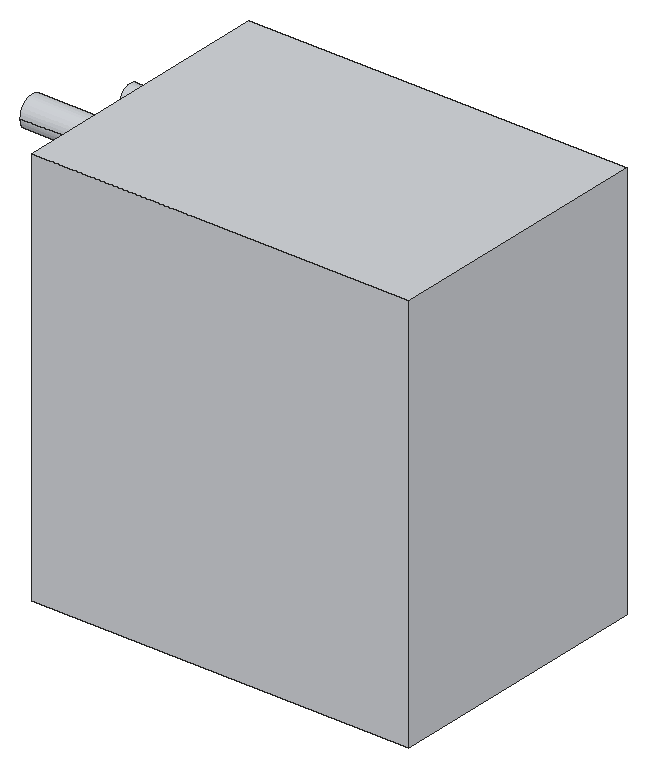
Revit family "LAMP 400-1000 Water Heater", category Mechanical Equipment, Revit 2019
Family settings
  Round Connector Dimension = Use Diameter
  Part Type = Normal
  OmniClass Number = 23.75.00.00
  OmniClass Title = Climate Control (HVAC)
  Work Plane-Based = No
  Always vertical = Yes
  Cut with Voids When Loaded = No
  Shared = No
  Room Calculation Point = No
Parameters (values of type "LAMP 500 Water Heater")
  Width = 26 1/8"
  Length = 36 5/16"
  Height = 38 69/128"
  Voltage = ""
  Vent = "4\""
  Manufacturer = "Bryan Steam"  # constant formula
  Hydronic Supply = "2\" NPT Female"
  Hydronic Return = "2\" NPT Male"
  Gas Train = "3/4\" NPT Female"
  Condensate Trap = "1\" Pipe"
  Boiler Drain = "3/4\" NPT Female"
  Air Supply = "4\""
Reference planes (in)
  plane 1 "Center (Front/Back)": y = 0
  plane 2: z = 0
  plane 3 "Center (Left/Right)": x = 0
  plane 4 "Vent": y = 3.75
  plane 5 "Condensate Trap": y = -12
  plane 6 "Supply 2.5" Victualic Elbow Style 10": x = 1.375
  plane 7 "3" Supply Manifold": z = 44.375
  plane 8 "3" Supply Elbow Victaulic Style 10": y = 12.875
Forms (in)
  Extrusion 1, solid
    sketch origin (0, 0, 0) x (1, 0, 0) y (0, 1, 0)
      loop
        line (-18.15625, 13.0625) -> (-18.15625, -13.0625) -> (18.15625, -13.0625) -> (18.15625, 13.0625) -> (-18.15625, 13.0625)
    from 0 to 38.53906
  Extrusion 2, solid
    sketch origin (-18.15625, -13.0625, 0) x (0, 1, 0) y (0, 0, -1)
      loop
        circle (5.8125, -12.31) r 2.53125
      loop
        circle (5.8125, -12.3125) r 2.265
    from 0 to 2.53906
  Extrusion 3, solid
    sketch origin (-18.15625, -13.0625, 0) x (0, 1, 0) y (0, 0, -1)
      loop
        circle (16.813, -4.073) r 0.6575
    from 0 to 3.85547
  Extrusion 4, solid
    sketch origin (-18.15625, -13.0625, 0) x (0, 1, 0) y (0, 0, -1)
      loop
        circle (16.121, -19.731) r 2.49
      loop
        circle (16.121, -19.731) r 2.274
    from 0 to 5.56641
  Extrusion 5, solid
    sketch origin (-18.15625, -13.0625, 0) x (0, 1, 0) y (0, 0, -1)
      loop
        circle (16.121, -35.097) r 1.1875
    from 0 to 3.43359
  Extrusion 6, solid
    sketch origin (-18.15625, -13.0625, 0) x (0, 1, 0) y (0, 0, -1)
      loop
        circle (16.121, -26.526) r 0.525
    from 0 to 4.19531
  Extrusion 7, solid
    sketch origin (-18.15625, -13.0625, 0) x (0, 1, 0) y (0, 0, -1)
      loop
        circle (22.847, -27.541) r 0.525
    from 0 to 1.24219
  Extrusion 8, solid
    sketch origin (-18.15625, -13.0625, 0) x (0, 1, 0) y (0, 0, -1)
      loop
        circle (9.881, -35.097) r 1.1875
    from 0 to 1.54688
  Extrusion 9, solid
    sketch origin (-19.70312, -13.0625, 0) x (0, 1, 0) y (0, 0, -1)
      loop
        circle (9.881, -35.097) r 1.46
    from 0 to 6.3125
  Extrusion 10, solid
    sketch origin (-22.35156, -13.0625, 0) x (0, 1, 0) y (0, 0, -1)
      loop
        circle (16.121, -26.526) r 0.763
    from 0 to 2.36328
  Extrusion 11, solid
    sketch origin (-19.39844, -13.0625, 0) x (0, 1, 0) y (0, 0, -1)
      loop
        circle (22.847, -27.541) r 0.75
    from 0 to 2.67188
Dimensions and locks (in)
  "Height": Extrusion 1 to level
  equal spacing: Extrusion 1 sketch curve, plane 3 "Center (Left/Right)", Extrusion 1 sketch curve
  "Length": Extrusion 1 sketch curve to Extrusion 1 sketch curve
  equal spacing: Extrusion 1 sketch curve, plane 1 "Center (Front/Back)", Extrusion 1 sketch curve
  "Width": Extrusion 1 sketch curve to Extrusion 1 sketch curve
  locked: level to plane 7 "3" Supply Manifold" at 44.375
  locked: plane 3 "Center (Left/Right)" to plane 6 "Supply 2.5" Victualic Elbow Style 10" at 1.375
  locked: plane 8 "3" Supply Elbow Victaulic Style 10" to plane 1 "Center (Front/Back)" at 12.875
  locked: plane 4 "Vent" to plane 1 "Center (Front/Back)" at 3.75
  locked: plane 5 "Condensate Trap" to plane 1 "Center (Front/Back)" at 12
  locked: Extrusion 1 to Extrusion 2 sketch curve at 12.31
  locked: Extrusion 3 sketch curve to Extrusion 1 at 16.813
  locked: Extrusion 4 sketch curve to Extrusion 1 at 16.121  (x2)
  locked: Extrusion 5 sketch curve to Extrusion 1 at 16.121
  locked: Extrusion 1 to Extrusion 5 sketch curve at 35.097
  locked: Extrusion 1 to Extrusion 3 sketch curve at 4.073
  locked: Extrusion 2 sketch curve to Extrusion 1 at 5.8125  (x2)
  locked: Extrusion 1 to Extrusion 2 sketch curve at 12.3125
  locked: Extrusion 1 to Extrusion 4 sketch curve at 19.731  (x2)
  locked: Extrusion 1 to Extrusion 6 sketch curve at 26.526
  locked: Extrusion 6 sketch curve to Extrusion 1 at 16.121
  locked: Extrusion 7 sketch curve to Extrusion 1 at 22.847
  locked: Extrusion 1 to Extrusion 7 sketch curve at 27.541
  locked: Extrusion 1 to Extrusion 8 sketch curve at 35.097
  locked: Extrusion 8 sketch curve to Extrusion 1 at 9.881
  locked: Extrusion 9 sketch curve to Extrusion 1 at 9.881
  locked: Extrusion 1 to Extrusion 9 sketch curve at 35.097
  locked: Extrusion 10 sketch curve to Extrusion 1 at 16.121
  locked: Extrusion 1 to Extrusion 10 sketch curve at 26.526
  locked: Extrusion 1 to Extrusion 11 sketch curve at 27.541
  locked: Extrusion 11 sketch curve to Extrusion 1 at 22.847
  aligned and locked: level to plane 2
Automatic sketch dimensions
  radius of Extrusion 2 sketch curve = 2 17/32"
  radius of Extrusion 2 sketch curve = 2.265"
  radius of Extrusion 3 sketch curve = 0.6575"
  radius of Extrusion 4 sketch curve = 2.49"
  radius of Extrusion 4 sketch curve = 2.274"
  radius of Extrusion 5 sketch curve = 1 3/16"
  radius of Extrusion 6 sketch curve = 0.525"
  radius of Extrusion 7 sketch curve = 0.525"
  radius of Extrusion 8 sketch curve = 1 3/16"
  radius of Extrusion 9 sketch curve = 1.46"
  radius of Extrusion 10 sketch curve = 0.763"
  radius of Extrusion 11 sketch curve = 3/4"
Connectors (in)
  piping at (-21.58984, 3.0585, 35.097), diameter 2
    settings: on Extrusion 5, index 1, connector inside diameter 24", connector length 0", flow factor 0, pipe flow 0 GPM, pressure drop 0.00 psi, fitting loss kfactor 0, connector angle 0.00°, fixture units 0, engagement length 0", angle of deflection 0.00°, flow configuration 0, flow direction 1, fitting loss method 0, system type 8, joint type 0, gender type 0, connector reference index -1, connector utility 0, adjustable connector no, is connector primary yes, connector description ""
  piping at (-26.01562, -3.1815, 35.097), diameter 2
    settings: on Extrusion 9, index 2, connector inside diameter 24", connector length 0", flow factor 0, pipe flow 0 GPM, pressure drop 0.00 psi, fitting loss kfactor 0, connector angle 0.00°, fixture units 0, engagement length 0", angle of deflection 0.00°, flow configuration 0, flow direction 2, fitting loss method 0, system type 7, joint type 0, gender type 0, connector reference index -1, connector utility 0, adjustable connector no, is connector primary no, connector description ""
  piping at (-24.71484, 3.0585, 26.526), diameter 0.75
    settings: on Extrusion 10, index 3, connector inside diameter 24", connector length 0", flow factor 0, pipe flow 0 GPM, pressure drop 0.00 psi, fitting loss kfactor 0, connector angle 0.00°, fixture units 0, engagement length 0", angle of deflection 0.00°, flow configuration 0, flow direction 2, fitting loss method 0, system type 22, joint type 0, gender type 0, connector reference index -1, connector utility 0, adjustable connector no, is connector primary no, connector description ""
  piping at (-22.07031, 9.7845, 27.541), diameter 0.75
    settings: on Extrusion 11, index 4, connector inside diameter 24", connector length 0", flow factor 0, pipe flow 0 GPM, pressure drop 0.00 psi, fitting loss kfactor 0, connector angle 0.00°, fixture units 0, engagement length 0", angle of deflection 0.00°, flow configuration 0, flow direction 1, fitting loss method 0, system type 22, joint type 0, gender type 0, connector reference index -1, connector utility 0, adjustable connector no, is connector primary no, connector description ""
  piping at (-22.01172, 3.7505, 4.073), diameter 1
    settings: on Extrusion 3, index 5, connector inside diameter 24", connector length 0", flow factor 0, pipe flow 0 GPM, pressure drop 0.00 psi, fitting loss kfactor 0, connector angle 0.00°, fixture units 0, engagement length 0", angle of deflection 0.00°, flow configuration 0, flow direction 2, fitting loss method 0, system type 22, joint type 0, gender type 0, connector reference index -1, connector utility 0, adjustable connector no, is connector primary no, connector description ""
  piping at (-23.72266, 3.0585, 19.731), diameter 4
    settings: on Extrusion 4, index 6, connector inside diameter 24", connector length 0", flow factor 0, pipe flow 0 GPM, pressure drop 0.00 psi, fitting loss kfactor 0, connector angle 0.00°, fixture units 0, engagement length 0", angle of deflection 0.00°, flow configuration 0, flow direction 2, fitting loss method 0, system type 17, joint type 0, gender type 0, connector reference index -1, connector utility 0, adjustable connector no, is connector primary no, connector description ""
  piping at (-20.69531, -7.25, 12.3125), diameter 4
    settings: on Extrusion 2, index 7, connector inside diameter 24", connector length 0", flow factor 0, pipe flow 0 GPM, pressure drop 0.00 psi, fitting loss kfactor 0, connector angle 0.00°, fixture units 0, engagement length 0", angle of deflection 0.00°, flow configuration 0, flow direction 1, fitting loss method 0, system type 22, joint type 0, gender type 0, connector reference index -1, connector utility 0, adjustable connector no, is connector primary no, connector description ""
